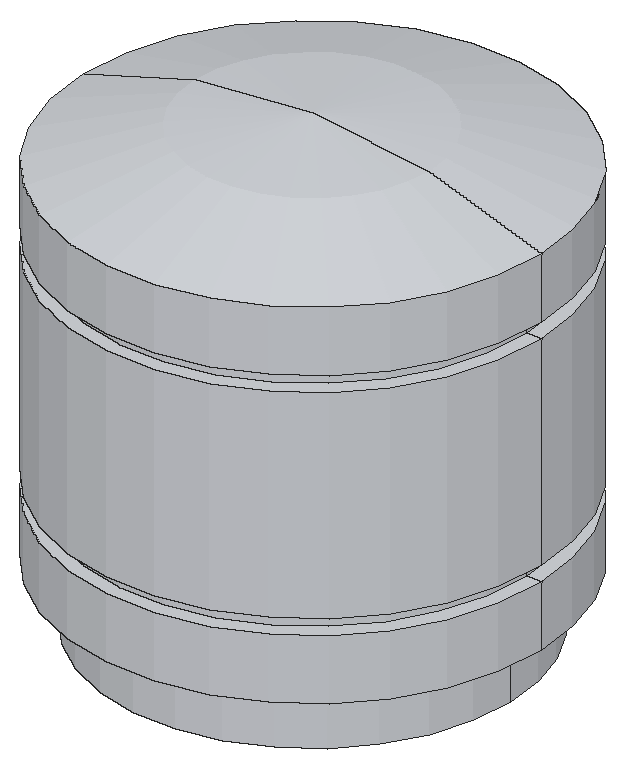
Revit family
Parameters (values of type "SBSP-030.5")
  Width = 4' - 0"
  URL = "www.strombergarchitectural.com"
  Top Material = GFRC
  Submittal Sheet = "www.strombergarchitectural.com/images/materials/gfrc/submittal/gfrc-submittal-sheet.pdf"
  Specifications = "www.strombergarchitectural.com/gfrcspecifications"
  Model Cut-sheet = "www.strombergarchitectural.com/products/bollards/design/SBSP-030"
  Model = "SBSP-030"
  Manufacturer = "Stromberg Architectural Products"
  Guidebook = "www.strombergarchitectural.com/images/materials/gfrc/handbooks/gfrc_guidebook.pdf"
  Frame Material = none
  Description = "GFRC Bollard"
  Assembly Code = ""
  Height = 4' - 0"
  XXX.5 = yes
  XXX.4 = no
  XXX.3 = no
  XXX.2 = no
  XXX.1 = no
Types (6): name | Width | Guidebook | Height | XXX.5 | XXX.4 | XXX.3 | XXX.2 | XXX.1
  (no name) | 4' - 0" | "www.strombergarchitectural.com/images/materials/gfrc/handbooks/gfrc_guidebook.pdf" | 4' - 0" | yes | no | no | no | no
  SBSP-030.3 | 3' - 0" | "www.strombergarchitectural.com/images/materials/gfrc/handbooks/gfrc_guidebook.pdf" | 3' - 0" | no | no | yes | no | no
  SBSP-030.1 | 2' - 0" | "www.strombergarchitectural.com/images/materials/gfrc/handbooks/gfrc_guidebook.pdf   \r\n(http://www.strombergarchitectural.com/images/materials/gfrc/handbooks/gfrc_guidebook.pdf" | 2' - 0" | no | no | no | no | yes
  SBSP-030.2 | 2' - 6" | "www.strombergarchitectural.com/images/materials/gfrc/handbooks/gfrc_guidebook.pdf" | 2' - 6" | no | no | no | yes | no
  SBSP-030.4 | 3' - 6" | "www.strombergarchitectural.com/images/materials/gfrc/handbooks/gfrc_guidebook.pdf" | 3' - 6" | no | yes | no | no | no
  SBSP-030.5 | 4' - 0" | "www.strombergarchitectural.com/images/materials/gfrc/handbooks/gfrc_guidebook.pdf" | 4' - 0" | yes | no | no | no | no
Reference planes (in)
  plane 1 "Center (Front/Back)": y = 3.74847
  plane 2: z = 0
  plane 3 "Center (Left/Right)": x = 0.7278
Forms (in)
  Revolve 1, solid, visible <- "XXX.1"
    sketch origin (90.2363, -5.75153, 48) x (0, 0, -1) y (1, 0, 0)
      loop
        arc (26.4, -77.5085) -> (24.60588, -83.38968) -> (24, -89.5085) r 31.2
        line (24, -89.5085) -> (24.4, -89.5085)
        arc (24.4, -89.5085) -> (24.9723, -83.59869) -> (26.66791, -77.9085) r 30.8
        line (26.66791, -77.9085) -> (29.2, -77.9085) -> (29.2, -78.69298) -> (30.8, -78.69298) -> (30.8, -77.9085) -> (40.6, -77.9085) -> (40.6, -78.69298) -> (42.2, -78.69298) -> (42.2, -77.9085) -> (44.6, -77.9085) -> (44.6, -79.5085) -> (47.6, -79.5085) -> (47.6, -81.5085) -> (48, -81.5085) -> (48, -79.1085) -> (45, -79.1085) -> (45, -77.5085) -> (41.8, -77.5085) -> (41.8, -78.29298) -> (41, -78.29298) -> (41, -77.5085) -> (30.4, -77.5085) -> (30.4, -78.29298) -> (29.6, -78.29298) -> (29.6, -77.5085) -> (26.4, -77.5085)
      axis (24, -89.5085) -> (48, -89.5085)
    angle from 0 to 360
  Revolve 2, solid, visible <- "XXX.2"
    sketch origin (90.2363, -5.75153, 48) x (0, 0, -1) y (1, 0, 0)
      loop
        line (47.5, -79.5085) -> (48, -79.5085) -> (48, -76.5085) -> (44.25, -76.5085) -> (44.25, -74.5085) -> (40.25, -74.5085) -> (40.25, -75.48911) -> (39.25, -75.48911) -> (39.25, -74.5085) -> (26, -74.5085) -> (26, -75.48911) -> (25, -75.48911) -> (25, -74.5085) -> (21, -74.5085)
        arc (21, -74.5085) -> (18.75735, -81.85997) -> (18, -89.5085) r 39
        line (18, -89.5085) -> (18.5, -89.5085)
        arc (18.5, -89.5085) -> (19.21537, -82.12124) -> (21.33489, -75.0085) r 38.5
        line (21.33489, -75.0085) -> (24.5, -75.0085) -> (24.5, -75.98911) -> (26.5, -75.98911) -> (26.5, -75.0085) -> (38.75, -75.0085) -> (38.75, -75.98911) -> (40.75, -75.98911) -> (40.75, -75.0085) -> (43.75, -75.0085) -> (43.75, -77.0085) -> (47.5, -77.0085) -> (47.5, -79.5085)
      axis (18, -89.5085) -> (48, -89.5085)
    angle from 0 to 360
  Revolve 3, solid, visible <- "XXX.3"
    sketch origin (90.2363, -5.75153, 48) x (0, 0, -1) y (1, 0, 0)
      loop
        line (47.4, -77.5085) -> (48, -77.5085) -> (48, -73.9085) -> (43.5, -73.9085) -> (43.5, -71.5085) -> (38.7, -71.5085) -> (38.7, -72.68523) -> (37.5, -72.68523) -> (37.5, -71.5085) -> (21.6, -71.5085) -> (21.6, -72.68523) -> (20.4, -72.68523) -> (20.4, -71.5085) -> (15.6, -71.5085)
        arc (15.6, -71.5085) -> (12.95828, -80.34015) -> (12, -89.5085) r 49.4976
        line (12, -89.5085) -> (12.6, -89.5085)
        arc (12.6, -89.5085) -> (13.45844, -80.64378) -> (16.00187, -72.1085) r 46.2
        line (16.00187, -72.1085) -> (19.8, -72.1085) -> (19.8, -73.28523) -> (22.2, -73.28523) -> (22.2, -72.1085) -> (36.9, -72.1085) -> (36.9, -73.28523) -> (39.3, -73.28523) -> (39.3, -72.1085) -> (42.9, -72.1085) -> (42.9, -74.5085) -> (47.4, -74.5085) -> (47.4, -77.5085)
      axis (12, -89.5085) -> (48, -89.5085)
    angle from 0 to 360
  Revolve 4, solid, visible <- "XXX.4"
    sketch origin (90.2363, -5.75153, 48) x (0, 0, -1) y (1, 0, 0)
      loop
        line (48, -75.5085) -> (48, -71.3085) -> (42.75, -71.3085) -> (42.75, -68.5085) -> (37.15, -68.5085) -> (37.15, -69.88135) -> (35.75, -69.88135) -> (35.75, -68.5085) -> (17.2, -68.5085) -> (17.2, -69.88135) -> (15.8, -69.88135) -> (15.8, -68.5085) -> (10.2, -68.5085)
        arc (10.2, -68.5085) -> (7.10364, -78.80923) -> (6, -89.5085) r 56.93036
        line (6, -89.5085) -> (6.7, -89.5085)
        arc (6.7, -89.5085) -> (7.70152, -79.16633) -> (10.66885, -69.2085) r 53.9
        line (10.66885, -69.2085) -> (15.1, -69.2085) -> (15.1, -70.58135) -> (17.9, -70.58135) -> (17.9, -69.2085) -> (35.05, -69.2085) -> (35.05, -70.58135) -> (37.85, -70.58135) -> (37.85, -69.2085) -> (42.05, -69.2085) -> (42.05, -72.0085) -> (47.3, -72.0085) -> (47.3, -75.5085) -> (48, -75.5085)
      axis (6, -89.5085) -> (48, -89.5085)
    angle from 0 to 360
  Revolve 5, solid, visible <- "XXX.5"
    sketch origin (90.2363, -5.75153, 48) x (0, 0, -1) y (1, 0, 0)
      loop
        line (41.2, -69.5085) -> (47.2, -69.5085) -> (47.2, -73.5085) -> (48, -73.5085) -> (48, -68.7085) -> (42, -68.7085) -> (42, -65.5085) -> (35.6, -65.5085) -> (35.6, -67.07747) -> (34, -67.07747) -> (34, -65.5085) -> (12.8, -65.5085) -> (12.8, -67.07747) -> (11.2, -67.07747) -> (11.2, -65.5085) -> (4.8, -65.5085)
        arc (4.8, -65.5085) -> (1.21177, -77.27085) -> (0, -89.5085) r 62.4
        line (0, -89.5085) -> (0.8, -89.5085)
        arc (0.8, -89.5085) -> (1.94459, -77.68888) -> (5.33583, -66.3085) r 61.6
        line (5.33583, -66.3085) -> (10.4, -66.3085) -> (10.4, -67.87747) -> (13.6, -67.87747) -> (13.6, -66.3085) -> (33.2, -66.3085) -> (33.2, -67.87747) -> (36.4, -67.87747) -> (36.4, -66.3085) -> (41.2, -66.3085) -> (41.2, -69.5085)
      axis (0, -89.5085) -> (48, -89.5085)
    angle from 0 to 360
Dimensions and locks (in)
  aligned and locked: level to plane 2
